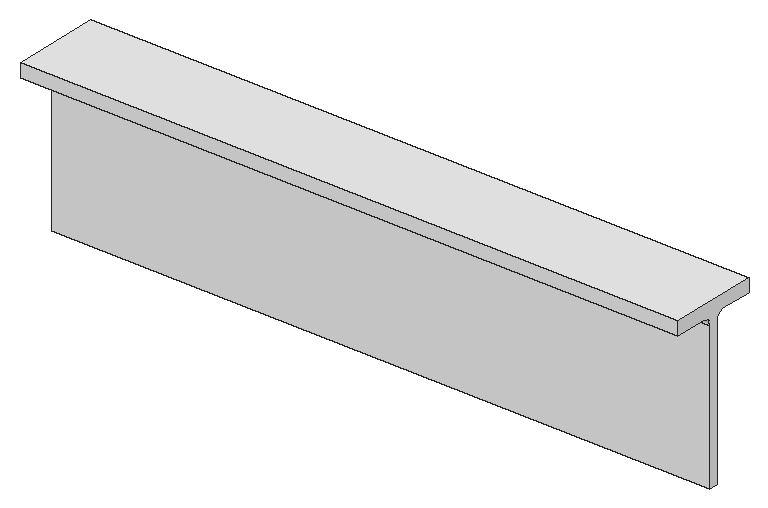
Revit family
Parameters (values of type "305x152x79UCT")
  시작 확장 계산 [instance] = 3012.5 mm + 시작 확장  # 3000 mm
  시작 확장 [instance] = -12.5 mm
  끝 확장 계산 [instance] = 3012.5 mm + 끝 확장  # 3000 mm
  끝 확장 [instance] = -12.5 mm
  보 재료 [instance] = 금속 - 스틸 - 345 MPa
  Assembly Code = ""
  A = 0.01 m²
  Ix = 1532
  Length [instance] = 1524 mm
  M = 79
  Zx = 503
  b = 163.5 mm
  h = 311.2 mm
  r = 15.2 mm
  s = 15.8 mm
  t = 25 mm
Reference planes
  plane 1 "중심(앞/뒤)": y = 0
  plane 2: z = 0
  plane 3 "중심(왼쪽/오른쪽)": x = 4.61
  plane 4 "왼쪽 부재": x = -604.99
  plane 5 "오른쪽 부재": x = 614.21
  plane 6: y = 81.75
  plane 7: y = -81.75
  plane 8 "상단": z = 155.6
  plane 9: z = -155.6
  plane 10 "왼쪽": x = -757.39
  plane 11 "오른쪽": x = 766.61
  plane 12: x = -604.99
  plane 13: x = 614.21
  plane 14: x = 2395.01
  plane 15: x = -2385.79
Forms (mm)
  Sweep 1, solid, material "금속 - 스틸 - 345 MPa" <- "보 재료", detail levels fine
    path origin (0, 0, 0) x (1, 0, 0) y (0, 1, 0)
      loop
        line (614.21, 0) -> (-604.99, 0)
    profile "M_구조 T자형-프로파일-섬세 : M_구조 T자형-프로파일-섬세" origin (4.61, 0, 0) x (0, -1, 0) y (0, 0, 1)
      loop
        line (-81.75, 155.6) -> (-81.75, 130.6) -> (-23.1, 130.6)
        arc (-23.1, 130.6) -> (-12.352, 126.148) -> (-7.9, 115.4) r 15.2
        line (-7.9, 115.4) -> (-7.9, -155.6) -> (7.9, -155.6) -> (7.9, 115.4)
        arc (7.9, 115.4) -> (12.352, 126.148) -> (23.1, 130.6) r 15.2
        line (23.1, 130.6) -> (81.75, 130.6) -> (81.75, 155.6) -> (-81.75, 155.6)
  Sweep 2, solid, material "금속 - 스틸 - 345 MPa" <- "보 재료", detail levels medium
    path origin (0, 0, 0) x (1, 0, 0) y (0, 1, 0)
      loop
        line (614.21, 0) -> (-604.99, 0)
    profile "M_구조 T자형-프로파일-중간 : M_구조 T자형-프로파일-중간" origin (4.61, 0, 0) x (0, -1, 0) y (0, 0, 1)
      loop
        line (-81.75, 155.6) -> (-81.75, 130.6) -> (-7.9, 130.6) -> (-7.9, -155.6) -> (7.9, -155.6) -> (7.9, 130.6) -> (81.75, 130.6) -> (81.75, 155.6) -> (-81.75, 155.6)
Lines and regions (mm)
  symbolic lines, style "숨겨진 면", detail levels medium+fine
    curve 1: line (614.21, -7.9, 0) -> (-604.99, -7.9, 0)
    curve 2: line (614.21, 7.9, 0) -> (-604.99, 7.9, 0)
  symbolic lines, style "기호 부착", detail levels coarse
    curve 3: line (4.61, 0, 155.6) -> (4.61, 0, -155.6)
    curve 4: line (4.61, 81.75, 155.6) -> (4.61, -81.75, 155.6)
Dimensions and locks
  "b": plane 6 to plane 7
  "h": plane 9 to plane 8 "상단"
  equal spacing: plane 9, plane 2, plane 8 "상단"
  equal spacing: plane 6, plane 1 "중심(앞/뒤)", plane 7
  "Length": plane 10 "왼쪽" to plane 11 "오른쪽"
  locked: plane 4 "왼쪽 부재" to plane 14 at 3000
  locked: plane 15 to plane 5 "오른쪽 부재" at 3000
  "끝 확장 계산": plane 15 to plane 13
  "시작 확장 계산": plane 12 to plane 14
  aligned and locked: Sweep 1 sketch curve to plane 1 "중심(앞/뒤)"
  aligned and locked: Sweep 2 sketch curve to plane 1 "중심(앞/뒤)"
  aligned and locked: curve 3 to Sweep 1
  aligned and locked: Sweep 2 to curve 4  (x2)
  aligned and locked: curve 4 to Sweep 2
  aligned and locked: plane 12 to Sweep 2 sketch curve
  aligned and locked: plane 13 to Sweep 2 sketch curve
  aligned and locked: plane 12 to Sweep 1 sketch curve
  aligned and locked: plane 13 to Sweep 1 sketch curve
Automatic sketch dimensions
  curve 1 to plane 4 "왼쪽 부재" = 0 mm
  curve 2 to plane 4 "왼쪽 부재" = 0 mm
  curve 2 to plane 5 "오른쪽 부재" = 0 mm
  curve 2 to plane 1 "중심(앞/뒤)" = 7.9 mm
  curve 1 to plane 5 "오른쪽 부재" = 0 mm
  plane 1 "중심(앞/뒤)" to curve 1 = 7.9 mm
  curve 3 to plane 1 "중심(앞/뒤)" = 0 mm
